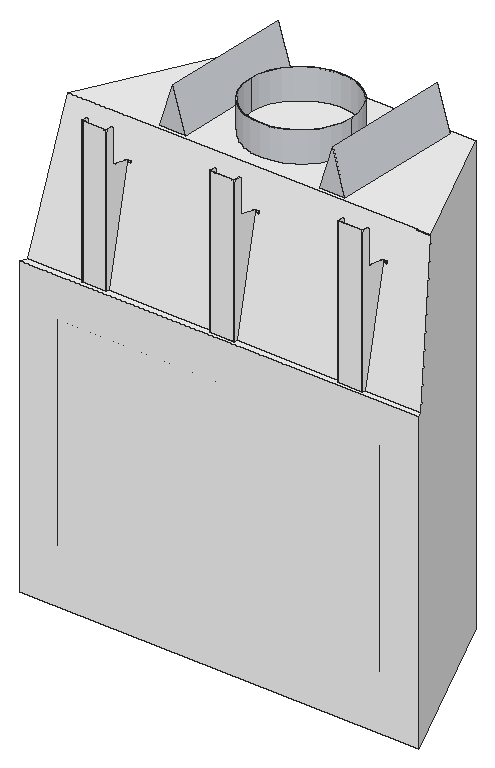
Revit family "WB54FB0F-montigo-residential", category Generic Models, Revit 2021
Family settings
  Can host rebar = No
  Round Connector Dimension = Use Diameter
  Part Type = Normal
  Work Plane-Based = No
  Always vertical = Yes
  Cut with Voids When Loaded = No
  Shared = No
  Room Calculation Point = No
Parameters
  URL = "https://www.montigo.com/"
  Model = ""
  Manufacturer Fax = ""
  Manufacturer Website = "https://www.montigo.com/"
  Manufacturer Phone - Toll Free = "800-378-3115"
  Manufacturer Phone = ""
  Manufacturer Address = "27342 Gloucester Way  Langley, BC, Canada   V4W 4A1"
  Manufacturer = "Montigo"
  Keynote = ""
  Glazing Tint = Glass - Montigo - Tint as Specified
  Frame Material = Metal - Montigo - Black
  Firebox Material = Metal - Montigo - White
  Description = "Montigo Fireplace as Specified"
  Default Elevation = 0"
Reference planes (in)
  plane 1 "Center (Front/Back)": y = 0
  plane 2: z = 0
  plane 3 "Center (Left/Right)": x = 0
Forms (in)
  Extrusion 1, solid, material "Metal - Montigo - White" <- "Firebox Material"
    sketch origin (189, -15, 0) x (1, 0, 0) y (0, 1, 0)
      loop
        line (-222.45202, 15) -> (-155.54798, 15) -> (-169.65561, 44.62528) -> (-208.34439, 44.62528) -> (-222.45202, 15)
    from 0 to 73.35904
  Extrusion 2, solid, material "Glass - Montigo - Tint as Specified" <- "Glazing Tint"
    sketch origin (193.1875, 3.48344, 0) x (-1, 0, 0) y (0, 0, -1)
      loop
        line (166.17224, -43.18225) -> (220.20276, -43.18225) -> (220.20276, -9.18232) -> (166.17224, -9.18232) -> (166.17224, -43.18225)
    from 3.48344 to 1.60844
  Extrusion 3, solid
    sketch origin (0, 0, 0) x (1, 0, 0) y (0, 1, 0)
      loop
        circle (0, 17.133) r 8.5
      loop
        circle (0, 17.133) r 8.46875
    from 73.35904 to 78.41904
  Extrusion 4, void
    sketch origin (19.1875, -6.15625, 0) x (-1, 0, 0) y (0, 0, -1)
      loop
        line (46.20276, -43.18225) -> (46.20276, -9.18232) -> (-7.82776, -9.18232) -> (-7.82776, -43.18225) -> (46.20276, -43.18225)
    from -7.24387 to -8.03125
  Extrusion 5, void
    sketch origin (0, 0, 0) x (0, 1, 0) y (0, 0, 1)
      loop
        line (6.27255, 73.23598) -> (6.27255, 76.08579) -> (-0.19645, 76.08579) -> (-0.19645, 49.83579) -> (1.08485, 49.83579) -> (6.27255, 73.23598)
    from -34.73725 to 35.28537
  Extrusion 6, solid, material "Metal - Montigo - White" <- "Firebox Material"
    sketch origin (0, 0, 0) x (1, 0, 0) y (0, 1, 0)
      loop
        arc (-23.558, 0.712) -> (-23.53252, 0.65048) -> (-23.471, 0.625) r 0.087
        line (-23.471, 0.625) -> (-19.471, 0.625)
        arc (-19.471, 0.625) -> (-19.40948, 0.65048) -> (-19.384, 0.712) r 0.087
        line (-19.384, 0.712) -> (-19.384, 4.94496)
        arc (-19.384, 4.94496) -> (-19.37208, 4.97135) -> (-19.345, 4.98161) r 0.03788
        line (-19.345, 4.98161) -> (-18.786, 4.98161) -> (-18.786, 5.01479) -> (-19.345, 5.01479)
        arc (-19.345, 5.01479) -> (-19.39083, 4.99743) -> (-19.411, 4.95277) r 0.0641
        line (-19.411, 4.95277) -> (-19.411, 0.712)
        arc (-19.411, 0.712) -> (-19.42857, 0.66957) -> (-19.471, 0.652) r 0.06
        line (-19.471, 0.652) -> (-23.471, 0.652)
        arc (-23.471, 0.652) -> (-23.51343, 0.66957) -> (-23.531, 0.712) r 0.06
        line (-23.531, 0.712) -> (-23.531, 4.95277)
        arc (-23.531, 4.95277) -> (-23.55117, 4.99743) -> (-23.597, 5.01479) r 0.0641
        line (-23.597, 5.01479) -> (-24.156, 5.01479) -> (-24.156, 4.98161) -> (-23.597, 4.98161)
        arc (-23.597, 4.98161) -> (-23.56992, 4.97135) -> (-23.558, 4.94496) r 0.03788
        line (-23.558, 4.94496) -> (-23.558, 0.712)
      loop
        arc (-2.087, 0.712) -> (-2.06152, 0.65048) -> (-2, 0.625) r 0.087
        line (-2, 0.625) -> (2, 0.625)
        arc (2, 0.625) -> (2.06152, 0.65048) -> (2.087, 0.712) r 0.087
        line (2.087, 0.712) -> (2.087, 4.94496)
        arc (2.087, 4.94496) -> (2.09892, 4.97135) -> (2.126, 4.98161) r 0.03788
        line (2.126, 4.98161) -> (2.685, 4.98161) -> (2.685, 5.01479) -> (2.126, 5.01479)
        arc (2.126, 5.01479) -> (2.08017, 4.99743) -> (2.06, 4.95277) r 0.0641
        line (2.06, 4.95277) -> (2.06, 0.712)
        arc (2.06, 0.712) -> (2.04243, 0.66957) -> (2, 0.652) r 0.06
        line (2, 0.652) -> (-2, 0.652)
        arc (-2, 0.652) -> (-2.04243, 0.66957) -> (-2.06, 0.712) r 0.06
        line (-2.06, 0.712) -> (-2.06, 4.95277)
        arc (-2.06, 4.95277) -> (-2.08017, 4.99743) -> (-2.126, 5.01479) r 0.0641
        line (-2.126, 5.01479) -> (-2.685, 5.01479) -> (-2.685, 4.98161) -> (-2.126, 4.98161)
        arc (-2.126, 4.98161) -> (-2.09892, 4.97135) -> (-2.087, 4.94496) r 0.03788
        line (-2.087, 4.94496) -> (-2.087, 0.712)
      loop
        arc (19.384, 0.712) -> (19.40948, 0.65048) -> (19.471, 0.625) r 0.087
        line (19.471, 0.625) -> (23.471, 0.625)
        arc (23.471, 0.625) -> (23.53252, 0.65048) -> (23.558, 0.712) r 0.087
        line (23.558, 0.712) -> (23.558, 4.94496)
        arc (23.558, 4.94496) -> (23.56992, 4.97135) -> (23.597, 4.98161) r 0.03788
        line (23.597, 4.98161) -> (24.156, 4.98161) -> (24.156, 5.01479) -> (23.597, 5.01479)
        arc (23.597, 5.01479) -> (23.55117, 4.99743) -> (23.531, 4.95277) r 0.0641
        line (23.531, 4.95277) -> (23.531, 0.712)
        arc (23.531, 0.712) -> (23.51343, 0.66957) -> (23.471, 0.652) r 0.06
        line (23.471, 0.652) -> (19.471, 0.652)
        arc (19.471, 0.652) -> (19.42857, 0.66957) -> (19.411, 0.712) r 0.06
        line (19.411, 0.712) -> (19.411, 4.95277)
        arc (19.411, 4.95277) -> (19.39083, 4.99743) -> (19.345, 5.01479) r 0.0641
        line (19.345, 5.01479) -> (18.786, 5.01479) -> (18.786, 4.98161) -> (19.345, 4.98161)
        arc (19.345, 4.98161) -> (19.37208, 4.97135) -> (19.384, 4.94496) r 0.03788
        line (19.384, 4.94496) -> (19.384, 0.712)
    from 49.83579 to 74.08579
  Extrusion 7, void
    sketch origin (0, 0, 0) x (0, 1, 0) y (0, 0, 1)
      loop
        line (1.39863, 74.31216) -> (1.875, 73.83579) -> (1.875, 68.42608) -> (5.05017, 67.72216) -> (6.51113, 74.31216) -> (1.39863, 74.31216)
    from -34.73725 to 28.07
  Extrusion 8, solid
    sketch origin (186.73735, -13.16078, 73.35904) x (1, 0, 0) y (0, 1, 0)
      loop
        line (-202.26069, 42.19655) -> (-202.26069, 20.19655) -> (-197.91014, 20.19655) -> (-197.91014, 42.19655) -> (-202.26069, 42.19655)
    from 0 to 6.875
  Extrusion 9, void
    sketch origin (-11.41087, 7.03577, 73.35904) x (1, 0, 0) y (0, 0, -1)
      loop
        line (-4.11248, 0) -> (-4.11248, -9) -> (2.23808, -9) -> (2.23808, 0) -> (0.23808, 0) -> (-1.9372, -6.875) -> (-4.11248, 0)
    from 0 to 23.99429
  Extrusion 10, solid
    sketch origin (-186.73735, -13.16078, 73.35904) x (-1, 0, 0) y (0, -1, 0)
      loop
        line (-202.26069, -42.19655) -> (-197.91014, -42.19655) -> (-197.91014, -20.19655) -> (-202.26069, -20.19655) -> (-202.26069, -42.19655)
    from 0 to 6.875
  Extrusion 11, void
    sketch origin (11.41087, 7.03577, 73.35904) x (-1, 0, 0) y (0, 0, 1)
      loop
        line (-4.11248, 0) -> (-1.9372, 6.875) -> (0.23808, 0) -> (2.23808, 0) -> (2.23808, 9) -> (-4.11248, 9) -> (-4.11248, 0)
    from 0 to 23.99429
Cuts and joins
  Extrusion 4, Extrusion 5, Extrusion 7, Extrusion 9, Extrusion 11 cuts Extrusion 1
  Extrusion 7, Extrusion 9, Extrusion 11 cuts Extrusion 6
  joined: Extrusion 1, Extrusion 6
  Extrusion 9, Extrusion 11 cuts Extrusion 8
  Extrusion 11 cuts Extrusion 10
Lines and regions (in)
  symbolic lines, style "GenericModelHiddenLines"
    curve 1: line (-30.75224, 8.88808, 0) -> (-20.22785, 30.98875, 0)
    curve 2: line (-20.22785, 30.98875, 0) -> (20.22785, 30.98875, 0)
    curve 3: line (20.22785, 30.98875, 0) -> (30.76385, 8.8637, 0)
    curve 4: line (29.51443, 8.26872, 0) -> (30.76385, 8.8637, 0)
    curve 5: line (-29.50282, 8.2931, 0) -> (-30.75224, 8.88808, 0)
Dimensions and locks (in)
  aligned and locked: level to plane 2
Connectors (in)
  hvac at (0, 17.133, 78.41904)
    settings: on Extrusion 3, index 1, duct flow 0.0 L/s, flow factor 0, pres drop 0.0 Pa, loss coef 0, conn angle 0.00°, conn width 304.8 mm, conn height 304.8 mm, conn diameter 431.8 mm, duct sys type 3, conn prof type 0, flow config 0, flow direction 0, loss method 0, conn ref index -1, conn util no, is conn primary yes, conn desc ""
